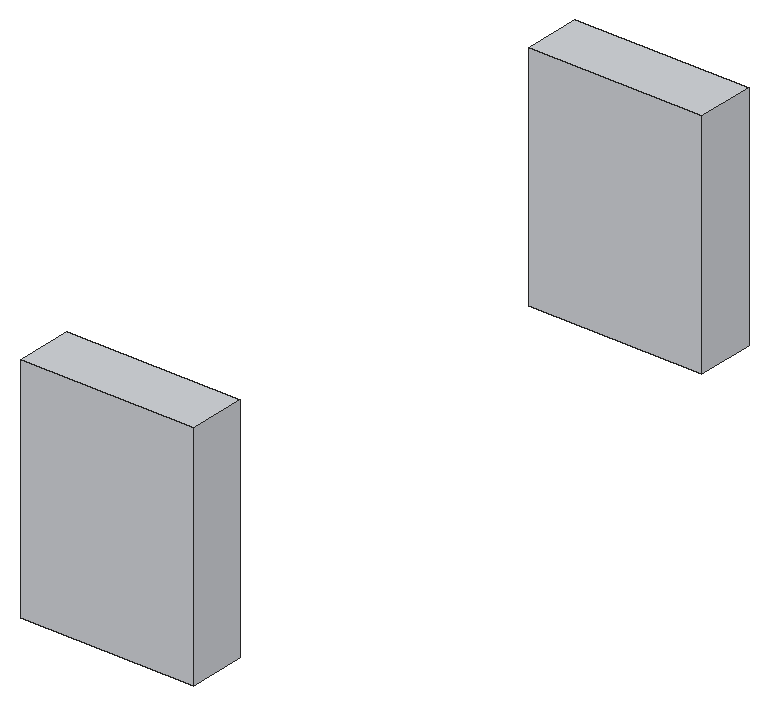
Revit family "M_União da escada", category Conexões da bandeja de cabos, Revit 2019
Family settings
  Cota do conector redondo = Utilizar diâmetro
  Tipo de parte = União de diagrama Ladder
  Número OmniClass = 23.80.30.17.17
  Título OmniClass = Cable Trays and Horizontal Racks
  ID de item do Seek = Ladder Union-0000-CAN-ENU
  Com base no plano de trabalho = Não
  Sempre na vertical = Sim
  Corte com vazios quando carregada = Não
  Compartilhado = Não
Parameters (values of type "Padrão")
  Tamanho da bandeja [instance] = 300 mm
  built-in parameter 1140111 [instance] = 0.082021 (stored number, unit not read)
  built-in parameter 1140113 [instance] = 0.082021 (stored number, unit not read)
  built-in parameter 1140112 [instance] = 0.73819 (stored number, unit not read)
  built-in parameter 1140114 [instance] = 0.082021 (stored number, unit not read)
  Comprimento da bandeja [instance] = 75 mm
  Altura da bandeja [instance] = 100 mm
  Raio de curvatura [instance] = 300 mm
Reference planes
  plane 1 "Centro (Frente/Trás)": y = 0
  plane 2: z = 0
  plane 3 "Centro (Esquerda/Direita)": x = 0
  plane 4: x = 75
Forms (mm)
  Sweep 1, solid, detail levels fine
    path in 3D
      loop
        line (0, 0, 0) -> (75, 0, 0)
    profile "M_Bandeja de cabo- Escada 1 : Escada" origin (37.5, 0, 0) x (0, 1, 0) y (0, 0, 1)
      loop
        line (125, 50) -> (125, -50) -> (150, -50) -> (150, 50) -> (125, 50)
      loop
        line (-150, 50) -> (-150, -50) -> (-125, -50) -> (-125, 50) -> (-150, 50)
  Sweep 2, solid, detail levels medium
    path in 3D
      loop
        line (0, 0, 0) -> (75, 0, 0)
    profile "M_Bandeja de cabo - Escada 2 : Escada" origin (37.5, 0, 0) x (0, 1, 0) y (0, 0, 1)
      loop
        line (-150, 50) -> (-150, -50) -> (150, -50) -> (150, 50) -> (-150, 50)
Lines and regions (mm)
  reference lines
    curve 1: line (0, 0, 0) -> (75, 0, 0)
  sketch lines
    curve 2: line (0, 0, 0) -> (75, 0, 0)
    curve 4: line (0, 0, 0) -> (75, 0, 0)
  model lines, detail levels coarse
    curve 3: line (0, 0, 0) -> (75, 0, 0)
Dimensions and locks
  "Comprimento da bandeja": plane 3 "Centro (Esquerda/Direita)" to plane 4
  aligned and locked: plane 4 to curve 1
  aligned and locked: plane 3 "Centro (Esquerda/Direita)" to curve 1
  aligned and locked: plane 1 "Centro (Frente/Trás)" to curve 1
  aligned and locked: plane 3 "Centro (Esquerda/Direita)" to curve 3
  aligned and locked: plane 4 to curve 3
  aligned and locked: plane 1 "Centro (Frente/Trás)" to curve 3
Connectors
  cabletrayconduit at (0, 0, 0), diameter 609.6, driven by "Altura da bandeja", driven by "Tamanho da bandeja"
    settings: on Sweep 2, index 1, connector width 300 mm, connector height 100 mm, connector angle 0.00°, system type 32, placement type 0, profile type 1, connector reference index 2, is primary connector yes, connector utility param no, connector description ""
  cabletrayconduit at (75, 0, 0), diameter 609.6, driven by "Altura da bandeja", driven by "Tamanho da bandeja"
    settings: on Sweep 2, index 2, connector width 300 mm, connector height 100 mm, connector angle 0.00°, system type 32, placement type 0, profile type 1, connector reference index 1, is primary connector no, connector utility param no, connector description ""
